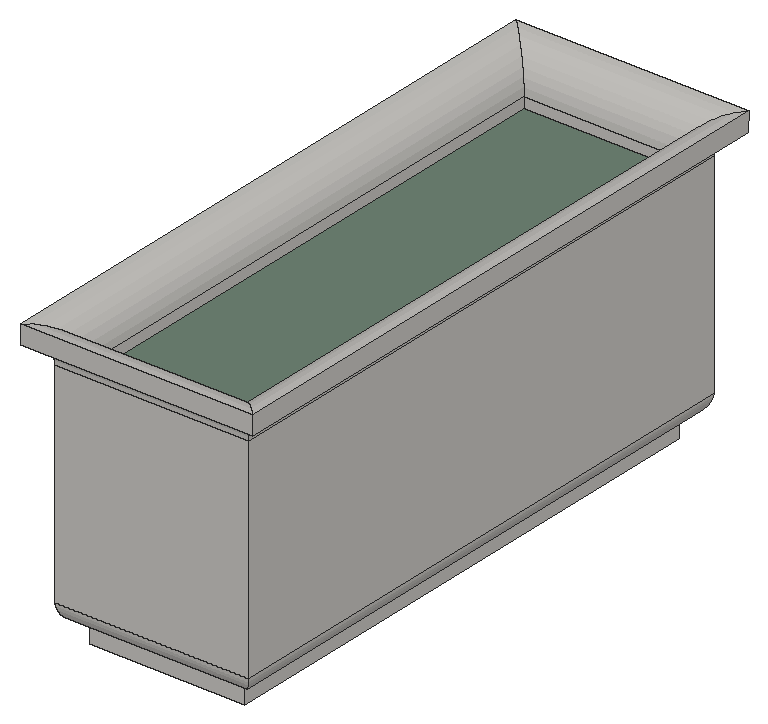
Revit family "791-Planting trough", category Site, Revit 8.1
Parameters (values of type "200x600x300")
  Largura = 200 mm
  Comprimento = 600 mm
  Canteiro-Terra = Canteiro-Terra
  Canteiro-Mat1 = Canteiro-Mat1
  Altura = 300 mm
Types (3, lengths in mm): name | Largura | Comprimento | Altura
  (no name) | 200 | 600 | 300
  200x600x300 | 200 | 600 | 300
  300x500x200 | 300 | 500 | 200
Reference planes
  plane 1 "Center (Front/Back)": y = 0
  plane 2: z = 0
  plane 3 "Center (Left/Right)": x = 0
  plane 4: x = -100
  plane 5: x = 100
  plane 6: y = 300
  plane 7: y = -300
  plane 8: z = 300
Forms (mm)
  Extrusion 1, solid, material "Canteiro-Mat1" <- "Canteiro-Mat1"
    sketch origin (0, 0, 0) x (1, 0, 0) y (0, 1, 0)
      loop
        line (-80, 280) -> (-80, -280) -> (80, -280) -> (80, 280) -> (-80, 280)
    from 0 to 20
  Extrusion 2, solid, material "Canteiro-Terra" <- "Canteiro-Terra"
    sketch origin (0, 0, 20) x (1, 0, 0) y (0, 1, 0)
      loop
        line (-60, 260) -> (-60, -260) -> (60, -260) -> (60, 260) -> (-60, 260)
    from 0 to 20
  Extrusion 3, solid, material "Canteiro-Terra" <- "Canteiro-Terra"
    sketch origin (0, 20, 40) x (1, 0, 0) y (0, 1, 0)
      loop
        line (-80, -300) -> (80, -300) -> (80, 260) -> (-80, 260) -> (-80, -300)
    from 0 to 210.123
  Sweep 4, solid, material "Canteiro-Mat1" <- "Canteiro-Mat1"
    path origin (0, 0, 20) x (1, 0, 0) y (0, 1, 0)
      loop
        line (-80, -280) -> (80, -280) -> (80, 280) -> (-80, 280) -> (-80, -280)
    profile origin (0, -280, 20) x (0, 1, 0) y (0, 0, 1)
      loop
        line (20, 0) -> (20, 20) -> (0, 20) -> (0, 240)
        arc (0, 240) -> (-11.716, 268.284) -> (-40, 280) r 40
        line (-40, 280) -> (-40, 260)
        arc (-40, 260) -> (-25.858, 254.142) -> (-20, 240) r 20
        line (-20, 240) -> (-20, 20)
        arc (-20, 20) -> (-14.142, 5.858) -> (0, 0) r 20
        line (0, 0) -> (20, 0)
Dimensions and locks
  equal spacing: plane 4, plane 3 "Center (Left/Right)", plane 5
  "Largura": plane 4 to plane 5
  equal spacing: plane 7, plane 1 "Center (Front/Back)", plane 6
  "Comprimento": plane 7 to plane 6
  locked: plane 4 to Extrusion 1 sketch curve at 20
  locked: Extrusion 1 sketch curve to plane 5 at 20
  locked: plane 6 to Extrusion 1 sketch curve at 20
  locked: plane 7 to Extrusion 1 sketch curve at 20
  plane 8 to Sweep 4 sketch curve to Sweep 4 sketch curve to Sweep 4 sketch curve = 20 mm locked, 20 mm locked, 0 mm locked
  "Altura": plane 8 to level
  locked: plane 8 to Extrusion 3 at 49.877
  aligned and locked: Sweep 4 sketch curve to Extrusion 1  (x4)
  aligned and locked: Sweep 4 to Extrusion 3 sketch curve  (x2)
  aligned and locked: Extrusion 3 sketch curve to Sweep 4  (x2)
  aligned and locked: Extrusion 2 sketch curve to Sweep 4  (x3)
  aligned and locked: Sweep 4 to Extrusion 2 sketch curve
Automatic sketch dimensions
  Sweep 4 sketch curve to Sweep 4 sketch curve = 0 mm  (x2)
  Sweep 4 sketch curve to profile plane = 0 mm  (x3)
  Sweep 4 sketch curve to Sweep 4 sketch curve = 20 mm
  Sweep 4 sketch curve to profile plane = 20 mm
